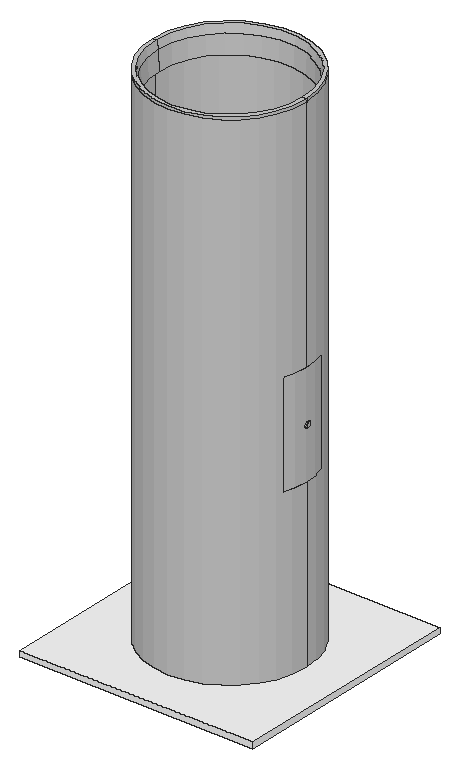
Revit family "BE_99624_de_DE", category Leuchten, Revit 2015
Parameters (values of type "BEGA_99624_Silber")
  Default Elevation = 0 mm
  URL = "http://www.bega.de/produkt/99624"
  Typenkommentare = "© 2015 BEGA. Wir behalten uns das Recht vor, technische Änderungen ohne vorherige Ankündigung vorzunehmen."  # constant formula
  Typenbild = 99624.png
  Sonderanfertigung = no
  Seriennummer [instance] = "Hier können Sie die eindeutige Seriennummer für das Facility Management eintragen."
  Schutzart = "IP 65"
  Scheinlast = 0 VA
  Produktdatenblatt = "http://www.bega.de/download/datenblaetter/de/99624.pdf"
  Modell = "99624A"
  Material_06 = BEGA_Oberfläche_Edelstahl_gebürstet
  Material_02 = BEGA_Oberfläche_Silber_matt
  Material_01 [instance] = BEGA_Oberfläche_Grafit_matt
  M_G = no
  M_A = yes
  Logo = 0
  Leuchtenanzahl = ""
  Lastklassifizierung = Beleuchtung
  Hersteller = "BEGA"  # constant formula
  Halbstreuwinkel = ""
  Gewicht = "11.1 kg"
  Erdstück [instance] = no
  Einbauöffnung = "265 mm"
  CE_Konformität = "ja"
  Bestellnummer_Erdstück [instance] = if(Erdstück, "70896", "---")  # "---"
  Bestellnummer = "99624A"
  Beschreibung_Sonderanfertigung = "Hier können Sie Informationen zur Sonderanfertigung eintragen."
  Beschreibung = "Pollerleuchtenrohr"
  BEGA_Intern_aus = yes
  BEGA_Intern_an = yes
  BEGA_Intern_Konstruktion = yes
  BEGA_Intern = yes
  BEGA_IES = yes
  BEGA_Dummy = no
  Aktualisierung = "2015-12-09T04:08:32"
Types (3, lengths in mm): name | Modell | M_G | M_A | Bestellnummer
  (no name) | "99624A" | no | yes | "99624A"
  BEGA_99624_Silber | "99624A" | no | yes | "99624A"
  BEGA_99624_Grafit | "99624" | yes | no | "99624"
Reference planes
  plane 1 "Mitte (Vorne/Hinten)": y = 0
  plane 2: z = 0
  plane 3 "Mitte (Links/Rechts)": x = 0
  plane 4 "Links": x = -132
  plane 5 "Rechts": x = 132
  plane 6 "Unten": y = -132
  plane 7 "Oben": y = 132
  plane 8 "Vorne": z = 877.584
Forms (mm)
  Extrusion 1, solid, material "BEGA_Platte_Weiss"
    sketch origin (0, -1119.2, 0) x (1, 0, 0) y (0, 1, 0)
      loop
        line (-200, 1319.2) -> (-200, 919.2) -> (200, 919.2) -> (200, 1319.2) -> (-200, 1319.2)
    from 0 to -10
  Extrusion 2, solid, material "BEGA_Dummy_matt", visible <- "BEGA_Dummy"
    sketch origin (77.149, -76.023, 0) x (1, 0, 0) y (0, 1, 0)
      loop
        circle (-77.149, 76.023) r 132
    from 0 to 877.584
Dimensions and locks
  plane 1 "Mitte (Vorne/Hinten)" to Extrusion 1 = 200 mm
  aligned and locked: plane 2 to Extrusion 1
  aligned and locked: level to Extrusion 1
Nested families
  nested 1: "BE_99624_Pollerrohr" at (0, 0, 0), type "BE_99624_Pollerrohr"
    with BEGA_Infotext_Winkel no
Connectors
  electrical at (0, 0, 0), driven by "Lastklassifizierung", driven by "Scheinlast"
    settings: index 1, voltage 0 V, apparent load 0 VA, apparent load phase1 0 VA, apparent load phase2 0 VA, apparent load phase3 0 VA, power factor 1, load classification "Beleuchtung", number of poles 1, system type 31, power factor state 1, is connector primary yes, connector utility no, sub classification motor no, connector description ""
Definition of nested family "BE_99624_Pollerrohr"
  Parameters (values of type "BE_99624_Pollerrohr")
    Default Elevation = 1 mm
    URL = "http://www.bega.de/de/produkt"
    Type Comments = "© 2015 BEGA. Wir behalten uns das Recht vor, technische Änderungen ohne vorherige Ankündigung vorzunehmen. "  # constant formula
    Type Image = Bega_Revit_Typenbild_78x78.png
    Material_06 = none
    Material_02 = none
    Material_01 = none
    M_G = yes
    M_A = yes
    Länge_Platte = 300 mm  # constant formula
    Höhe_Platte = -10 mm  # constant formula
    Manufacturer = "BEGA"  # constant formula
    Breite_Platte = 300 mm  # constant formula
    BEGA_Infotext_Winkel [instance] = no
    Aktualisierung = "Stand: 25.03.2015"  # constant formula
  Reference planes
    plane 1 "Mitte (Oben/Unten)": y = 0
    plane 2: z = 0
    plane 3 "Mitte (Links/Rechts)": x = 0
    plane 4: x = 132
    plane 5: x = -132
    plane 6: z = 877.584
    plane 7: y = 132
    plane 8: y = -132
  Forms (mm)
    Extrusion 1, solid, detail levels medium
      sketch origin (0, 0, 0) x (1, 0, 0) y (0, 1, 0)
        loop
          line (-150, 150) -> (-150, -150) -> (150, -150) -> (150, 150) -> (-150, 150)
      from 0 to -10 <- "Höhe_Platte"
    Revolve 2, solid, material <- "Material_01", visible <- "M_G", detail levels medium+fine
      sketch origin (0, 0, 0) x (1, 0, 0) y (0, 0, 1)
        loop
          line (37.5, 5.25) -> (37.607, 2.178)
          arc (37.607, 2.178) -> (38.217, 0.811) -> (39.606, 0.25) r 2
          line (39.606, 0.25) -> (104.5, 0.25) -> (104.5, 7.284)
          arc (104.5, 7.284) -> (104.219, 7.979) -> (103.535, 8.284) r 1
          line (103.535, 8.284) -> (91.325, 8.71)
          arc (91.325, 8.71) -> (87.904, 10.233) -> (86.5, 13.704) r 5
          line (86.5, 13.704) -> (86.5, 23.004)
          arc (86.5, 23.004) -> (86.728, 24.152) -> (87.379, 25.129) r 3
          line (87.379, 25.129) -> (97.5, 35.25) -> (97.5, 39.25) -> (81.914, 39.25)
          arc (81.914, 39.25) -> (81.24, 38.987) -> (80.92, 38.337) r 1
          line (80.92, 38.337) -> (78.704, 12.983)
          arc (78.704, 12.983) -> (77.741, 11.037) -> (75.716, 10.251) r 2.999
          line (75.716, 10.251) -> (39.606, 10.25)
          arc (39.606, 10.25) -> (38.215, 9.687) -> (37.607, 8.315) r 2
          line (37.607, 8.315) -> (37.5, 5.25)
        axis (0, 39.25) -> (0, 0.25)
      angle from 0 to 360
    Revolve 3, solid, material <- "Material_01", visible <- "M_G", detail levels medium+fine
      sketch origin (0, 0, 0) x (1, 0, 0) y (0, 0, 1)
        loop
          line (-128, 3.084) -> (-128, 15.584) -> (-114.961, 15.584)
          arc (-114.961, 15.584) -> (-113.568, 15.02) -> (-112.961, 13.645) r 2
          line (-112.961, 13.645) -> (-112.859, 10.693) -> (-110.216, 8.05) -> (-98.318, 8.466) -> (-98.318, 17.584) -> (-90.701, 17.584)
          arc (-90.701, 17.584) -> (-90.572, 22.674) -> (-90.73, 27.764) r 90.487
          line (-90.73, 27.764) -> (-98.631, 35.665) -> (-98.757, 39.26) -> (-103.093, 43.596) -> (-108, 43.596) -> (-108.821, 20.084) -> (-123.262, 20.084) -> (-124.397, 52.584) -> (-128, 52.584) -> (-128, 873.084) -> (-132, 873.084) -> (-132, 3.084) -> (-128, 3.084)
        axis (0, 873.084) -> (0, 3.084)
      angle from 0 to 360
    Revolve 4, solid, material <- "Material_01", visible <- "M_G", detail levels medium+fine
      sketch origin (0, 0, 0) x (1, 0, 0) y (0, 0, 1)
        loop
          line (-132, 877.584) -> (-132, 873.084) -> (-128, 873.084) -> (-128, 830.284) -> (-121.897, 830.284) -> (-123.043, 863.084) -> (-125.7, 877.584) -> (-132, 877.584)
        axis (0, 877.584) -> (0, 830.284)
      angle from 0 to 360
    Extrusion 5, void
      sketch origin (0, 0, 0) x (1, 0, 0) y (0, 1, 0)
        loop
          line (125.265, 41.625) -> (121.469, 40.364)
          arc (121.469, 40.364) -> (128, 0) -> (121.469, -40.364) r 128
          line (121.469, -40.364) -> (125.265, -41.625)
          arc (125.265, -41.625) -> (132, 0) -> (125.265, 41.625) r 132
      from 288.084 to 465.084
    Extrusion 6, solid, material <- "Material_01", visible <- "M_G", detail levels medium+fine
      sketch origin (0, 0, 0) x (1, 0, 0) y (0, 1, 0)
        loop
          arc (124.874, -41) -> (132.8, 0) -> (124.874, 41) r 110
          line (124.874, 41) -> (123.018, 40.255)
          arc (123.018, 40.255) -> (130.8, 0) -> (123.018, -40.255) r 108
          line (123.018, -40.255) -> (124.874, -41)
      from 288.584 to 464.584
    Revolve 7, void
      sketch origin (0, 0, 0) x (1, 0, 0) y (0, 0, 1)
        loop
          line (127.896, 376.584) -> (133.239, 376.584) -> (133.239, 382.355) -> (127.896, 382.355) -> (127.896, 376.584)
        axis (127.896, 376.584) -> (133.239, 376.584)
      angle from 0 to 360
    Revolve 8, solid, material <- "Material_06", detail levels fine
      sketch origin (0, 0, 0) x (1, 0, 0) y (0, 0, 1)
        loop
          line (128, 381.584) -> (128, 376.584) -> (134, 376.584) -> (134, 380.984)
          arc (134, 380.984) -> (133.824, 381.409) -> (133.4, 381.584) r 0.6
          line (133.4, 381.584) -> (128, 381.584)
        axis (128, 376.584) -> (134, 376.584)
      angle from 0 to 360
    Extrusion 9, void
      sketch origin (0, 0, 0) x (1, 0, 0) y (0, 1, 0)
        loop
          arc (-9.2, 69.897) -> (-35.25, 61.056) -> (-55.933, 42.917) r 70.5
          arc (-55.933, 42.917) -> (-55.101, 36.608) -> (-48.791, 37.439) r 4.5
          arc (-48.791, 37.439) -> (-30.75, 53.261) -> (-8.027, 60.974) r 61.5
          arc (-8.027, 60.974) -> (-4.151, 66.023) -> (-9.2, 69.897) r 4.5
        loop
          arc (-47.189, -27.281) -> (-41.033, -28.919) -> (-39.408, -22.758) r 4.5
          arc (-39.408, -22.758) -> (-45.502, -0.019) -> (-39.42, 22.724) r 45.517
          arc (-39.42, 22.724) -> (-41.065, 28.866) -> (-47.21, 27.232) r 4.5
          arc (-47.21, 27.232) -> (-54.507, -0.027) -> (-47.189, -27.281) r 54.483
        loop
          arc (65.134, 26.979) -> (59.249, 29.412) -> (56.823, 23.525) r 4.5
          arc (56.823, 23.525) -> (61.5, -0.011) -> (56.814, -23.545) r 61.5
          arc (56.814, -23.545) -> (59.259, -29.417) -> (65.134, -26.979) r 4.5
          arc (65.134, -26.979) -> (70.5, 0) -> (65.134, 26.979) r 70.5
        loop
          arc (-0.001, -54.499) -> (27.255, -47.198) -> (47.204, -27.241) r 54.483
          arc (47.204, -27.241) -> (45.547, -21.1) -> (39.404, -22.749) r 4.5
          arc (39.404, -22.749) -> (22.749, -39.401) -> (-0.001, -45.499) r 45.517
          arc (-0.001, -45.499) -> (-4.5, -49.999) -> (-0.001, -54.499) r 4.5
        loop
          arc (-9.2, -69.897) -> (-4.152, -66.023) -> (-8.026, -60.974) r 4.5
          arc (-8.026, -60.974) -> (-30.75, -53.261) -> (-48.791, -37.439) r 61.5
          arc (-48.791, -37.439) -> (-55.101, -36.608) -> (-55.931, -42.918) r 4.5
          arc (-55.931, -42.918) -> (-35.25, -61.055) -> (-9.2, -69.897) r 70.5
        loop
          arc (-0.001, 54.5) -> (-4.5, 49.989) -> (0.021, 45.5) r 4.5
          arc (0.021, 45.5) -> (22.758, 39.396) -> (39.404, 22.749) r 45.517
          arc (39.404, 22.749) -> (45.545, 21.099) -> (47.205, 27.237) r 4.5
          arc (47.205, 27.237) -> (27.257, 47.197) -> (-0.001, 54.5) r 54.483
      from 0 to 13.707
    Revolve 10, solid, material <- "Material_02", visible <- "M_A", detail levels medium+fine
      sketch origin (0, 0, 0) x (1, 0, 0) y (0, 0, 1)
        loop
          line (37.5, 5.25) -> (37.607, 2.178)
          arc (37.607, 2.178) -> (38.217, 0.811) -> (39.606, 0.25) r 2
          line (39.606, 0.25) -> (104.5, 0.25) -> (104.5, 7.284)
          arc (104.5, 7.284) -> (104.219, 7.979) -> (103.535, 8.284) r 1
          line (103.535, 8.284) -> (91.325, 8.71)
          arc (91.325, 8.71) -> (87.904, 10.233) -> (86.5, 13.704) r 5
          line (86.5, 13.704) -> (86.5, 23.004)
          arc (86.5, 23.004) -> (86.728, 24.152) -> (87.379, 25.129) r 3
          line (87.379, 25.129) -> (97.5, 35.25) -> (97.5, 39.25) -> (81.914, 39.25)
          arc (81.914, 39.25) -> (81.24, 38.987) -> (80.92, 38.337) r 1
          line (80.92, 38.337) -> (78.704, 12.983)
          arc (78.704, 12.983) -> (77.741, 11.037) -> (75.716, 10.251) r 2.999
          line (75.716, 10.251) -> (39.606, 10.25)
          arc (39.606, 10.25) -> (38.215, 9.687) -> (37.607, 8.315) r 2
          line (37.607, 8.315) -> (37.5, 5.25)
        axis (0, 39.25) -> (0, 0.25)
      angle from 0 to 360
    Revolve 11, solid, material <- "Material_02", visible <- "M_A", detail levels medium+fine
      sketch origin (0, 0, 0) x (1, 0, 0) y (0, 0, 1)
        loop
          line (-128, 3.084) -> (-128, 15.584) -> (-114.961, 15.584)
          arc (-114.961, 15.584) -> (-113.568, 15.02) -> (-112.961, 13.645) r 2
          line (-112.961, 13.645) -> (-112.859, 10.693) -> (-110.216, 8.05) -> (-98.318, 8.466) -> (-98.318, 17.584) -> (-90.701, 17.584)
          arc (-90.701, 17.584) -> (-90.572, 22.674) -> (-90.73, 27.764) r 90.487
          line (-90.73, 27.764) -> (-98.631, 35.665) -> (-98.757, 39.26) -> (-103.093, 43.596) -> (-108, 43.596) -> (-108.821, 20.084) -> (-123.262, 20.084) -> (-124.397, 52.584) -> (-128, 52.584) -> (-128, 873.084) -> (-132, 873.084) -> (-132, 3.084) -> (-128, 3.084)
        axis (0, 873.084) -> (0, 3.084)
      angle from 0 to 360
    Revolve 12, solid, material <- "Material_02", visible <- "M_A", detail levels medium+fine
      sketch origin (0, 0, 0) x (1, 0, 0) y (0, 0, 1)
        loop
          line (-132, 877.584) -> (-132, 873.084) -> (-128, 873.084) -> (-128, 830.284) -> (-121.897, 830.284) -> (-123.043, 863.084) -> (-125.7, 877.584) -> (-132, 877.584)
        axis (0, 877.584) -> (0, 830.284)
      angle from 0 to 360
    Extrusion 13, solid, material <- "Material_02", visible <- "M_A", detail levels medium+fine
      sketch origin (0, 0, 0) x (1, 0, 0) y (0, 1, 0)
        loop
          arc (124.874, -41) -> (132.8, 0) -> (124.874, 41) r 110
          line (124.874, 41) -> (123.018, 40.255)
          arc (123.018, 40.255) -> (130.8, 0) -> (123.018, -40.255) r 108
          line (123.018, -40.255) -> (124.874, -41)
      from 288.584 to 464.584
  Cuts and joins
    Extrusion 5 cuts Revolve 3
    joined: Revolve 3, Revolve 4
    Revolve 7 cuts Extrusion 6
    Extrusion 9 cuts Revolve 2
    Extrusion 9 cuts Revolve 10
    Extrusion 5 cuts Revolve 11
    joined: Revolve 11, Revolve 12
    Revolve 7 cuts Extrusion 13
  Dimensions and locks
    equal spacing: Extrusion 1 sketch curve, plane 3 "Mitte (Links/Rechts)", Extrusion 1 sketch curve
    equal spacing: Extrusion 1 sketch curve, plane 1 "Mitte (Oben/Unten)", Extrusion 1 sketch curve
    "Länge_Platte": Extrusion 1 sketch curve to Extrusion 1 sketch curve
    "Breite_Platte": Extrusion 1 sketch curve to Extrusion 1 sketch curve
    plane 1 "Mitte (Oben/Unten)" to Extrusion 1 = 150 mm  (x3)
    aligned and locked: Extrusion 1 to plane 2
    aligned and locked: level to Extrusion 1
  Automatic sketch dimensions
    Revolve 4 sketch curve to Revolve 4 sketch curve = 6.3 mm
    Revolve 4 sketch curve to Revolve 4 sketch curve = 4.5 mm
    Revolve 4 sketch curve to Revolve 4 sketch curve = 10 mm
    Revolve 4 sketch curve to Revolve 4 sketch curve = 4 mm
    Revolve 4 sketch curve to Revolve 4 sketch curve = 1.145 mm
    Revolve 4 sketch curve to Revolve 4 sketch curve = 32.8 mm
    Revolve 4 sketch curve to Revolve 4 sketch curve = 6.103 mm
    Extrusion 5 sketch curve to Extrusion 5 sketch curve = 0 mm  (x3)
    Extrusion 5 sketch curve to plane 3 "Mitte (Links/Rechts)" = 0 mm
    Extrusion 5 sketch curve to Extrusion 5 sketch curve = 3.796 mm
    Extrusion 5 sketch curve to Extrusion 5 sketch curve = 1.261 mm  (x2)
    plane 1 "Mitte (Oben/Unten)" to Extrusion 5 sketch curve = 40.364 mm
    plane 1 "Mitte (Oben/Unten)" to Extrusion 5 sketch curve = 0 mm
    plane 1 "Mitte (Oben/Unten)" to Extrusion 6 sketch curve = 0 mm
    plane 3 "Mitte (Links/Rechts)" to Extrusion 6 sketch curve = 22.8 mm
    Extrusion 6 sketch curve to Extrusion 6 sketch curve = 1.856 mm  (x2)
    plane 1 "Mitte (Oben/Unten)" to Extrusion 6 sketch curve = 41 mm
    Extrusion 6 sketch curve to Extrusion 6 sketch curve = 0.745 mm  (x2)
    Extrusion 6 sketch curve to Extrusion 6 sketch curve = 0 mm  (x3)
    Revolve 7 sketch curve to Revolve 7 sketch curve = 5.343 mm
    Revolve 7 sketch curve to Revolve 7 sketch curve = 5.771 mm
    Revolve 8 sketch curve to Revolve 8 sketch curve = 4.4 mm
    Revolve 8 sketch curve to Revolve 8 sketch curve = 6 mm
    Revolve 8 sketch curve to Revolve 8 sketch curve = 5 mm
    Revolve 8 sketch curve to Revolve 8 sketch curve = 0.6 mm  (x2)
    Revolve 4 sketch curve to plane 3 "Mitte (Links/Rechts)" = 0 mm
    level to Revolve 4 sketch curve = 830.284 mm
    Revolve 4 sketch curve to Revolve 4 sketch curve = 1731.474 mm
    level to Revolve 7 sketch curve = 376.584 mm
    Revolve 7 sketch curve to Revolve 7 sketch curve = 21.896 mm
    Revolve 7 sketch curve to Revolve 7 sketch curve = 2.761 mm
    Revolve 7 sketch curve to Revolve 7 sketch curve = 0 mm
    level to Revolve 8 sketch curve = 376.584 mm
    Revolve 8 sketch curve to Revolve 8 sketch curve = 0 mm  (x5)
    Revolve 8 sketch curve to Revolve 8 sketch curve = 22 mm
    Revolve 8 sketch curve to Revolve 8 sketch curve = 2 mm
    plane 3 "Mitte (Links/Rechts)" to Extrusion 5 sketch curve = 121.469 mm
    plane 3 "Mitte (Links/Rechts)" to Revolve 7 sketch curve = 127.896 mm
    plane 3 "Mitte (Links/Rechts)" to Revolve 8 sketch curve = 128 mm
    Revolve 2 sketch curve to plane 3 "Mitte (Links/Rechts)" = 0 mm
    Revolve 4 sketch curve to plane 3 "Mitte (Links/Rechts)" = 121.897 mm
    Revolve 2 sketch curve to level = 609.6 mm
    Revolve 4 sketch curve to level = 609.6 mm
    Revolve 3 sketch curve to plane 5 = 0 mm
    Revolve 3 sketch curve to plane 3 "Mitte (Links/Rechts)" = 0 mm
    level to Revolve 3 sketch curve = 22.418 mm
    Revolve 3 sketch curve to plane 5 = 49.059 mm
    Revolve 3 sketch curve to Revolve 3 sketch curve = 4 mm  (x2)
    Revolve 3 sketch curve to Revolve 3 sketch curve = 3.603 mm
    Revolve 3 sketch curve to Revolve 3 sketch curve = 4.738 mm
    Revolve 3 sketch curve to Revolve 3 sketch curve = 8.302 mm
    Revolve 3 sketch curve to Revolve 3 sketch curve = 1.999 mm
    Revolve 3 sketch curve to Revolve 3 sketch curve = 0.103 mm
    level to Revolve 3 sketch curve = 8.05 mm
    Revolve 3 sketch curve to Revolve 3 sketch curve = 2.643 mm  (x2)
    Revolve 3 sketch curve to Revolve 3 sketch curve = 4.14 mm
    Revolve 3 sketch curve to Revolve 3 sketch curve = 16.397 mm
    Revolve 3 sketch curve to Revolve 3 sketch curve = 4.907 mm
    Revolve 3 sketch curve to Revolve 3 sketch curve = 4.336 mm  (x2)
    Revolve 3 sketch curve to Revolve 3 sketch curve = 0.126 mm
    Revolve 3 sketch curve to Revolve 3 sketch curve = 10.503 mm
    Revolve 3 sketch curve to Revolve 3 sketch curve = 7.901 mm  (x2)
    Revolve 3 sketch curve to Revolve 3 sketch curve = 7.617 mm
    level to Revolve 3 sketch curve = 3.084 mm
    level to Revolve 3 sketch curve = 8.466 mm
    Revolve 3 sketch curve to Revolve 3 sketch curve = 2.891 mm
    Revolve 3 sketch curve to Revolve 3 sketch curve = 0.06 mm
    Revolve 3 sketch curve to Revolve 3 sketch curve = 12.5 mm
    Revolve 3 sketch curve to Revolve 3 sketch curve = 9.118 mm
    Revolve 3 sketch curve to Revolve 3 sketch curve = 4.5 mm
    Revolve 3 sketch curve to Revolve 3 sketch curve = 3.595 mm
    Revolve 3 sketch curve to Revolve 3 sketch curve = 8.988 mm
    Revolve 3 sketch curve to plane 6 = 4.5 mm
    Revolve 3 sketch curve to Revolve 3 sketch curve = 0 mm  (x2)
    Revolve 3 sketch curve to level = 609.6 mm
    plane 6 to Revolve 3 sketch curve = 1731.474 mm
    plane 6 to Revolve 2 sketch curve = 1731.474 mm
    level to Revolve 2 sketch curve = 5.25 mm
    plane 3 "Mitte (Links/Rechts)" to Revolve 2 sketch curve = 37.5 mm
    level to Revolve 2 sketch curve = 2.178 mm
    Revolve 2 sketch curve to Revolve 2 sketch curve = 0.107 mm  (x2)
    level to Revolve 2 sketch curve = 8.315 mm
    Revolve 2 sketch curve to Revolve 2 sketch curve = 1.999 mm  (x2)
    Revolve 2 sketch curve to Revolve 2 sketch curve = 0.072 mm
    Revolve 2 sketch curve to Revolve 2 sketch curve = 0.065 mm
    Revolve 2 sketch curve to Revolve 2 sketch curve = 0 mm  (x8)
    level to Revolve 2 sketch curve = 7.284 mm
    plane 4 to Revolve 2 sketch curve = 28.5 mm
    Revolve 2 sketch curve to Revolve 2 sketch curve = 1 mm  (x2)
    Revolve 2 sketch curve to Revolve 2 sketch curve = 0.035 mm
    level to Revolve 2 sketch curve = 0.25 mm
    Revolve 2 sketch curve to Revolve 2 sketch curve = 10.001 mm
    Revolve 2 sketch curve to Revolve 2 sketch curve = 17.035 mm
    Revolve 2 sketch curve to Revolve 2 sketch curve = 5 mm
    level to Revolve 2 sketch curve = 13.704 mm
    Revolve 2 sketch curve to Revolve 2 sketch curve = 0.003 mm  (x2)
    Revolve 2 sketch curve to Revolve 2 sketch curve = 0.174 mm
    level to Revolve 2 sketch curve = 8.71 mm
    level to Revolve 2 sketch curve = 8.284 mm
    Revolve 2 sketch curve to Revolve 2 sketch curve = 9.3 mm
    Revolve 2 sketch curve to Revolve 2 sketch curve = 3 mm
    Revolve 2 sketch curve to Revolve 2 sketch curve = 0.879 mm
    Revolve 2 sketch curve to Revolve 2 sketch curve = 10.121 mm
    Revolve 2 sketch curve to Revolve 2 sketch curve = 14.124 mm
    Revolve 2 sketch curve to Revolve 2 sketch curve = 5.464 mm
    Revolve 2 sketch curve to Revolve 2 sketch curve = 4 mm
    Revolve 2 sketch curve to Revolve 2 sketch curve = 0.002 mm
    Revolve 2 sketch curve to Revolve 2 sketch curve = 0.996 mm
    Revolve 2 sketch curve to Revolve 2 sketch curve = 10.784 mm
    Revolve 2 sketch curve to Revolve 2 sketch curve = 2.987 mm
    Revolve 2 sketch curve to Revolve 2 sketch curve = 0.266 mm
    Extrusion 9 sketch curve to Extrusion 9 sketch curve = 0 mm  (x27)
    plane 1 "Mitte (Oben/Unten)" to Extrusion 9 sketch curve = 0 mm  (x2)
    Extrusion 9 sketch curve to plane 3 "Mitte (Links/Rechts)" = 0 mm  (x3)
    Extrusion 9 sketch curve to plane 1 "Mitte (Oben/Unten)" = 0 mm
    Extrusion 9 sketch curve to plane 3 "Mitte (Links/Rechts)" = 0.002 mm
    Extrusion 9 sketch curve to plane 3 "Mitte (Links/Rechts)" = 0.009 mm
    plane 1 "Mitte (Oben/Unten)" to Extrusion 9 sketch curve = 0.007 mm  (x2)
    Extrusion 9 sketch curve to Extrusion 9 sketch curve = 0.022 mm
    Extrusion 9 sketch curve to plane 3 "Mitte (Links/Rechts)" = 8.613 mm  (x2)
    Extrusion 9 sketch curve to plane 3 "Mitte (Links/Rechts)" = 43.294 mm
    Extrusion 9 sketch curve to plane 3 "Mitte (Links/Rechts)" = 43.319 mm
    Extrusion 9 sketch curve to Extrusion 9 sketch curve = 9.067 mm
    Extrusion 9 sketch curve to Extrusion 9 sketch curve = 9.043 mm
    plane 3 "Mitte (Links/Rechts)" to Extrusion 9 sketch curve = 0.01 mm
    Extrusion 9 sketch curve to Extrusion 9 sketch curve = 0.004 mm
    plane 3 "Mitte (Links/Rechts)" to Extrusion 9 sketch curve = 43.301 mm
    Extrusion 9 sketch curve to plane 1 "Mitte (Oben/Unten)" = 25.257 mm
    Extrusion 9 sketch curve to Extrusion 9 sketch curve = 17.675 mm  (x2)
    Extrusion 9 sketch curve to Extrusion 9 sketch curve = 0.009 mm
    plane 1 "Mitte (Oben/Unten)" to Extrusion 9 sketch curve = 25 mm
    plane 1 "Mitte (Oben/Unten)" to Extrusion 9 sketch curve = 25.028 mm
    Extrusion 9 sketch curve to Extrusion 9 sketch curve = 0.257 mm
    Extrusion 9 sketch curve to Extrusion 9 sketch curve = 15.15 mm
    Extrusion 9 sketch curve to Extrusion 9 sketch curve = 24.971 mm
    Extrusion 9 sketch curve to Extrusion 9 sketch curve = 15.436 mm
    Extrusion 9 sketch curve to plane 1 "Mitte (Oben/Unten)" = 0.017 mm  (x2)
    Extrusion 9 sketch curve to plane 1 "Mitte (Oben/Unten)" = 24.971 mm
    Extrusion 9 sketch curve to Extrusion 9 sketch curve = 15.207 mm
    Extrusion 9 sketch curve to Extrusion 9 sketch curve = 25.257 mm
    Extrusion 9 sketch curve to plane 3 "Mitte (Links/Rechts)" = 0.001 mm  (x3)
    Extrusion 9 sketch curve to Extrusion 9 sketch curve = 0.587 mm  (x4)
    Extrusion 9 sketch curve to Extrusion 9 sketch curve = 0.002 mm  (x4)
    Extrusion 9 sketch curve to Extrusion 9 sketch curve = 3.886 mm
    Extrusion 9 sketch curve to Extrusion 9 sketch curve = 3.899 mm
    Extrusion 9 sketch curve to Extrusion 9 sketch curve = 3.896 mm
    Extrusion 9 sketch curve to Extrusion 9 sketch curve = 3.891 mm
    Extrusion 9 sketch curve to Extrusion 9 sketch curve = 3.57 mm  (x4)
    Extrusion 9 sketch curve to Extrusion 9 sketch curve = 3.897 mm  (x2)
    Extrusion 9 sketch curve to Extrusion 9 sketch curve = 3.902 mm
    Extrusion 9 sketch curve to Extrusion 9 sketch curve = 4.162 mm
    Extrusion 9 sketch curve to Extrusion 9 sketch curve = 4.153 mm
    Extrusion 9 sketch curve to Extrusion 9 sketch curve = 4.157 mm  (x2)
    Extrusion 9 sketch curve to Extrusion 9 sketch curve = 2.251 mm  (x2)
    Extrusion 9 sketch curve to Extrusion 9 sketch curve = 2.27 mm
    Extrusion 9 sketch curve to Extrusion 9 sketch curve = 1.712 mm
    Extrusion 9 sketch curve to Extrusion 9 sketch curve = 2.739 mm  (x2)
    Extrusion 9 sketch curve to plane 3 "Mitte (Links/Rechts)" = 0.01 mm
    plane 1 "Mitte (Oben/Unten)" to Extrusion 9 sketch curve = 0.017 mm
    Extrusion 9 sketch curve to Extrusion 9 sketch curve = 10.974 mm
    plane 3 "Mitte (Links/Rechts)" to Extrusion 9 sketch curve = 0.021 mm
    Extrusion 9 sketch curve to Extrusion 9 sketch curve = 17.419 mm
    Extrusion 9 sketch curve to Extrusion 9 sketch curve = 0.776 mm
    plane 3 "Mitte (Links/Rechts)" to Extrusion 9 sketch curve = 0.009 mm
    Extrusion 9 sketch curve to Extrusion 9 sketch curve = 3.904 mm
    plane 3 "Mitte (Links/Rechts)" to Revolve 10 sketch curve = 0 mm
    level to Revolve 10 sketch curve = 5.25 mm
    plane 3 "Mitte (Links/Rechts)" to Revolve 10 sketch curve = 37.5 mm
    level to Revolve 10 sketch curve = 8.315 mm
    Revolve 10 sketch curve to Revolve 10 sketch curve = 0.107 mm  (x2)
    level to Revolve 10 sketch curve = 2.178 mm
    Revolve 10 sketch curve to Revolve 10 sketch curve = 1.999 mm  (x2)
    level to Revolve 10 sketch curve = 13.25 mm
    Revolve 10 sketch curve to Revolve 10 sketch curve = 36.11 mm
    level to Revolve 10 sketch curve = 12.983 mm
    Revolve 10 sketch curve to Revolve 10 sketch curve = 2.987 mm
    Revolve 10 sketch curve to Revolve 10 sketch curve = 3.211 mm
    Revolve 10 sketch curve to Revolve 10 sketch curve = 0.002 mm
    Revolve 10 sketch curve to Revolve 10 sketch curve = 7.796 mm
    Revolve 10 sketch curve to Revolve 10 sketch curve = 3 mm  (x2)
    Revolve 10 sketch curve to Revolve 10 sketch curve = 5 mm
    Revolve 10 sketch curve to Revolve 10 sketch curve = 8 mm
    Revolve 10 sketch curve to Revolve 10 sketch curve = 12 mm
    Revolve 10 sketch curve to Revolve 10 sketch curve = 1 mm
    level to Revolve 10 sketch curve = 0.25 mm
    Revolve 10 sketch curve to Revolve 10 sketch curve = 0.072 mm
    Revolve 10 sketch curve to Revolve 10 sketch curve = 7.034 mm
    Revolve 10 sketch curve to Revolve 10 sketch curve = 0.065 mm
    Revolve 10 sketch curve to Revolve 10 sketch curve = 0.721 mm
    Revolve 10 sketch curve to Revolve 10 sketch curve = 0.003 mm  (x2)
    Revolve 10 sketch curve to Revolve 10 sketch curve = 9.297 mm
    Revolve 10 sketch curve to Revolve 10 sketch curve = 12.246 mm
    Revolve 10 sketch curve to Revolve 10 sketch curve = 4 mm
    Revolve 10 sketch curve to Revolve 10 sketch curve = 0 mm  (x8)
    Revolve 10 sketch curve to Revolve 10 sketch curve = 0.996 mm
    Revolve 10 sketch curve to Revolve 10 sketch curve = 0.879 mm
    Revolve 10 sketch curve to Revolve 10 sketch curve = 0.174 mm
    level to Revolve 10 sketch curve = 8.71 mm
    level to Revolve 10 sketch curve = 8.284 mm
    Revolve 10 sketch curve to Revolve 10 sketch curve = 0.035 mm
    Revolve 10 sketch curve to level = 609.6 mm
    plane 6 to Revolve 10 sketch curve = 1731.474 mm
    Revolve 11 sketch curve to plane 5 = 0 mm
    Revolve 11 sketch curve to plane 3 "Mitte (Links/Rechts)" = 0 mm
    level to Revolve 11 sketch curve = 22.418 mm
    Revolve 11 sketch curve to plane 5 = 49.059 mm
    plane 5 to Revolve 11 sketch curve = 4 mm  (x2)
    Revolve 11 sketch curve to Revolve 11 sketch curve = 3.603 mm
    Revolve 11 sketch curve to Revolve 11 sketch curve = 4.738 mm
    Revolve 11 sketch curve to Revolve 11 sketch curve = 8.302 mm
    Revolve 11 sketch curve to Revolve 11 sketch curve = 1.999 mm
    Revolve 11 sketch curve to Revolve 11 sketch curve = 0.103 mm
    level to Revolve 11 sketch curve = 8.05 mm
    Revolve 11 sketch curve to Revolve 11 sketch curve = 2.643 mm  (x2)
    Revolve 11 sketch curve to Revolve 11 sketch curve = 4.14 mm
    Revolve 11 sketch curve to Revolve 11 sketch curve = 16.397 mm
    Revolve 11 sketch curve to Revolve 11 sketch curve = 4.907 mm
    Revolve 11 sketch curve to Revolve 11 sketch curve = 4.336 mm  (x2)
    Revolve 11 sketch curve to Revolve 11 sketch curve = 0.126 mm
    Revolve 11 sketch curve to Revolve 11 sketch curve = 10.503 mm
    Revolve 11 sketch curve to Revolve 11 sketch curve = 7.901 mm  (x2)
    Revolve 11 sketch curve to Revolve 11 sketch curve = 7.617 mm
    level to Revolve 11 sketch curve = 3.084 mm
    level to Revolve 11 sketch curve = 8.466 mm
    Revolve 11 sketch curve to Revolve 11 sketch curve = 2.891 mm
    Revolve 11 sketch curve to Revolve 11 sketch curve = 0.06 mm
    Revolve 11 sketch curve to Revolve 11 sketch curve = 12.5 mm
    Revolve 11 sketch curve to Revolve 11 sketch curve = 9.118 mm
    Revolve 11 sketch curve to Revolve 11 sketch curve = 4.5 mm
    Revolve 11 sketch curve to Revolve 11 sketch curve = 3.595 mm
    Revolve 11 sketch curve to Revolve 11 sketch curve = 8.988 mm
    Revolve 11 sketch curve to plane 6 = 4.5 mm
    Revolve 11 sketch curve to Revolve 11 sketch curve = 0 mm  (x2)
    Revolve 11 sketch curve to level = 609.6 mm
    plane 6 to Revolve 11 sketch curve = 1731.474 mm
    Revolve 12 sketch curve to plane 5 = 0 mm
    Revolve 12 sketch curve to plane 6 = 0 mm
    plane 3 "Mitte (Links/Rechts)" to Revolve 12 sketch curve = 0 mm
    plane 5 to Revolve 12 sketch curve = 4 mm
    Revolve 12 sketch curve to Revolve 12 sketch curve = 2.3 mm
    plane 5 to Revolve 12 sketch curve = 8.957 mm
    Revolve 12 sketch curve to Revolve 12 sketch curve = 6.103 mm
    Revolve 12 sketch curve to plane 6 = 4.5 mm
    Revolve 12 sketch curve to Revolve 12 sketch curve = 10 mm
    Revolve 12 sketch curve to Revolve 12 sketch curve = 32.8 mm
    Revolve 12 sketch curve to level = 609.6 mm
    plane 6 to Revolve 12 sketch curve = 1731.474 mm
    Extrusion 13 sketch curve to Extrusion 13 sketch curve = 0 mm  (x2)
    plane 1 "Mitte (Oben/Unten)" to Extrusion 13 sketch curve = 0 mm
    plane 3 "Mitte (Links/Rechts)" to Extrusion 13 sketch curve = 22.8 mm
    plane 4 to Extrusion 13 sketch curve = 8.982 mm  (x2)
    Extrusion 13 sketch curve to Extrusion 13 sketch curve = 1.856 mm  (x2)
    plane 1 "Mitte (Oben/Unten)" to Extrusion 13 sketch curve = 40.255 mm
    Extrusion 13 sketch curve to Extrusion 13 sketch curve = 0.745 mm
